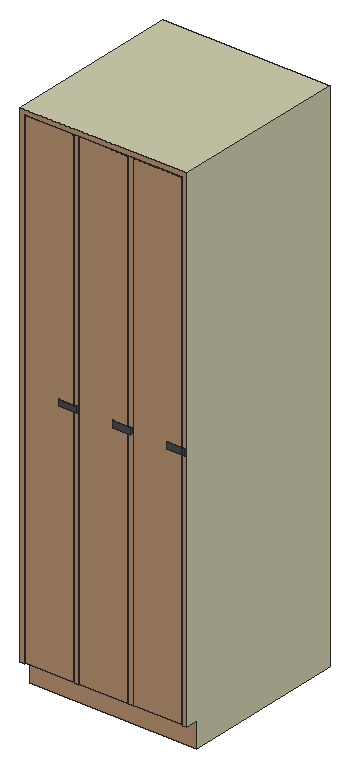
Revit family "Cabinet_Wenger_UltraStor_46", category Furniture, Revit 2015
Parameters (values of type "UltraStor Cabinet #46 - Comp Wood Doors")
  URL = "https://www.wengercorp.com/"
  Type Comments = ""
  Specification = "http://www.arcat.com/sdspecs/htm04/12_35_83wen.htm"
  Shelf Thickness = 0' - 1 1/8"
  Sales Information = "https://www.wengercorp.com/contact-us.php"
  Revision = "R1_2018-04"
  Rear Panel Thickness = 0' - 0 3/4"
  Product Data = "http://www.arcat.com/arcatcos/cos36/arc36487.html"
  Manufacturer Website = "https://www.wengercorp.com/"
  Manufacturer Phone - Toll Free = "800-4WENGER"
  Manufacturer Phone = "(507) 455-4100"
  Manufacturer Fax = "(507) 455-4258"
  Manufacturer Address = "555 Park Dr., Owatonna, MN 55060"
  Keynote = "12 35 83"
  HasDoors = yes
  Green Building-LEED = "http://www.arcat.com/green/clients/leed_data_36487.html"
  Drawn By = "Sumex Design, Inc. / Robert S. Weygant, CSI, CDT, SCIP"
  Door Width = (Cabinet Width - 0' 3") / 3  # 0' - 8.16667"
  Door Style = Door_FullHt : Solid Door
  Door Material [instance] = Wenger Cherry (Use Cherry Edge Band Only)
  Door Height = (Cabinet Height - 0' 4 3/4") / 5  # 1' - 4.175"
  Toe Kick Material [instance] = Wenger Cherry (Use Cherry Edge Band Only)
  RH End Panel [instance] = no
  Model = "#46"
  Manufacturer = "Wenger Corporation"
  LH End Panel [instance] = no
  End Panel Material [instance] = Wenger Cherry (Use Cherry Edge Band Only)
  Edge Banding Material [instance] = Wenger Cherry (Use Cherry Edge Band Only)
  Cost = 0
  Copyright = "© 2018 Arcat Inc."
  Construction Details = "http://www.arcat.com/details/wengerco/wengerco.html?coid=36487"
  Body Material [instance] = Wenger - Oyster
  Description = "Wenger UltraStor Cabinet #46 - Comp Wood Doors"
  Cabinet Width = 2' - 3 1/2"
  Cabinet Height = 7' - 1 5/8"
  Installed Depth = 2' - 5 1/4"
  Cabinet Panel Thickness = 0' - 0 3/4"
  Assembly Code = "E2010200"
Types (7): name | Rear Panel Thickness | HasDoors | Door Style | Door Material | Model | Description | Installed Depth
  Acoustic Cabinet #46 - No Doors | 0' - 3 1/4" | no | Door_FullHt : Solid Door | none | "#46A" | "Wenger Acoustic Cabinet #46 - No Doors" | 2' - 7 3/4"
  Acoustic Cabinet #46 - Comp Grille Doors | 0' - 3 1/4" | yes | Door_FullHt : Bars | Painted Black | "#46A" | "Wenger Acoustic Cabinet #46 - Comp Grille Doors" | 2' - 7 3/4"
  Acoustic Cabinet #46 - Comp Waterfall Grille Doors | 0' - 3 1/4" | yes | Door_FullHt : Waterfall | Painted Black | "#46A" | "Wenger Acoustic Cabinet #46 - Comp Waterfall Grille Doors" | 2' - 7 3/4"
  UltraStor Cabinet #46 - Comp Waterfall Grille Doors | 0' - 0 3/4" | yes | Door_FullHt : Waterfall | Painted Black | "#46" | "Wenger UltraStor Cabinet #46 - Comp Waterfall Grille Doors" | 2' - 5 1/4"
  UltraStor Cabinet #46 - Comp Grille Doors | 0' - 0 3/4" | yes | Door_FullHt : Bars | Painted Black | "#46" | "Wenger UltraStor Cabinet #46 - Comp Grille Doors" | 2' - 5 1/4"
  UltraStor Cabinet #46 - No Doors | 0' - 0 3/4" | no | Door_FullHt : Solid Door | none | "#46" | "Wenger UltraStor Cabinet #46 - No Doors" | 2' - 5 1/4"
  UltraStor Cabinet #46 - Comp Wood Doors | 0' - 0 3/4" | yes | Door_FullHt : Solid Door | Wenger Cherry (Use Cherry Edge Band Only) | "#46" | "Wenger UltraStor Cabinet #46 - Comp Wood Doors" | 2' - 5 1/4"
Reference planes (in)
  plane 1 "Front": y = 0
  plane 2: z = 0
  plane 3 "Left": x = 0
  plane 4 "Right": x = 27.5
  plane 5 "Back": y = 29.25
  plane 6 "Top": z = 85.625
  plane 7: z = 4
  plane 8: x = 0.75
  plane 9: x = 26.75
  plane 10: z = 84.875
  plane 11: x = 8.91667
  plane 12: x = 9.66667
  plane 13: x = 17.83333
  plane 14: x = 18.58333
  plane 15: y = 28.5
  plane 16: y = 2
  plane 17: y = 0.75
  plane 18: z = 5.125
Forms (in)
  Extrusion 1, solid, material "Wenger - Oyster" <- "Body Material"
    sketch origin (0, 0, 0) x (0, 1, 0) y (0, 0, 1)
      loop
        line (0, 85.625) -> (0, 4) -> (2, 4) -> (2, 0) -> (29.25, 0) -> (29.25, 85.625) -> (0, 85.625)
    from 0 to 27.5
  Extrusion 2, void
    sketch origin (0, 0, 0) x (0, 1, 0) y (0, 0, 1)
      loop
        line (-5.5, 84.875) -> (-5.5, 4) -> (0.75, 4)
        arc (0.75, 4) -> (1.15915, 4.80234) -> (2, 5.125) r 1.25694
        line (2, 5.125) -> (28.5, 5.125) -> (28.5, 84.875) -> (-5.5, 84.875)
    from 0.75 to 8.91667
  Extrusion 3, void
    sketch origin (0, 0, 0) x (0, 1, 0) y (0, 0, 1)
      loop
        line (-5.5, 84.875) -> (-5.5, 4) -> (0.75, 4)
        arc (0.75, 4) -> (1.18296, 4.77588) -> (2, 5.125) r 1.375
        line (2, 5.125) -> (28.5, 5.125) -> (28.5, 84.875) -> (-5.5, 84.875)
    from 9.66667 to 17.83333
  Extrusion 4, void
    sketch origin (0, 0, 0) x (0, 1, 0) y (0, 0, 1)
      loop
        line (-5.5, 84.875) -> (-5.5, 4) -> (0.75, 4)
        arc (0.75, 4) -> (1.18296, 4.77588) -> (2, 5.125) r 1.375
        line (2, 5.125) -> (28.5, 5.125) -> (28.5, 84.875) -> (-5.5, 84.875)
    from 18.58333 to 26.75
  Extrusion 5, void
    sketch origin (0, 0, 0) x (0, 1, 0) y (0, 0, 1)
      loop
        line (0, 84.875) -> (0, 4) -> (0.0625, 4) -> (0.0625, 84.875) -> (0, 84.875)
    from 0.75 to 26.75
Cuts and joins
  Extrusion 2, Extrusion 3, Extrusion 4, Extrusion 5 cuts Extrusion 1
Lines and regions (in)
  Masking region 1
    outline origin (0, 0, 0) x (1, 0, 0) y (0, 1, 0)
      loop
        line (0, 29.25) -> (0, 0) -> (27.5, 0) -> (27.5, 29.25) -> (0, 29.25)
Dimensions and locks (in)
  "Cabinet Panel Thickness": plane 3 "Left" to plane 8
  "Cabinet Panel Thickness": plane 9 to plane 4 "Right"
  "Cabinet Panel Thickness": plane 5 "Back" to plane 15
  locked: plane 1 "Front" to plane 17 at 0.75
  locked: plane 1 "Front" to plane 16 at 2
  "Cabinet Panel Thickness": plane 6 "Top" to plane 10
  "Shelf Thickness": plane 18 to plane 7
  "Cabinet Width": plane 3 "Left" to plane 4 "Right"
  locked: plane 7 to level at 4
  "Cabinet Height": plane 6 "Top" to level
  "Installed Depth": plane 1 "Front" to plane 5 "Back"
  "Door Width": plane 11 to plane 8
  "Door Width": plane 13 to plane 12
  "Door Width": plane 9 to plane 14
  plane 3 "Left" to plane 4 "Right" = 2' - 3 1/2"
  locked: plane 14 to plane 13 at 0.75
  equal spacing: plane 12, nested 2, plane 13
  equal spacing: plane 5 "Back", nested 2, plane 1 "Front"
  aligned and locked: Extrusion 1 sketch curve to plane 6 "Top"
  aligned and locked: Extrusion 1 sketch curve to plane 5 "Back"
  aligned and locked: Extrusion 1 sketch curve to plane 1 "Front"
  aligned and locked: Extrusion 1 sketch curve to plane 7
  aligned and locked: Extrusion 1 sketch curve to plane 16
  aligned and locked: Extrusion 1 sketch curve to level
  aligned and locked: Extrusion 1 to plane 4 "Right"
  aligned and locked: Extrusion 1 to plane 3 "Left"
  aligned and locked: Extrusion 2 sketch curve to plane 10
  aligned and locked: Extrusion 2 sketch curve to plane 18
  aligned and locked: Extrusion 2 to plane 8
  aligned and locked: plane 11 to Extrusion 2
  aligned and locked: plane 13 to Extrusion 3
  aligned and locked: Extrusion 3 to plane 12
  aligned and locked: Extrusion 4 to plane 9
  aligned and locked: Extrusion 4 to plane 14
  aligned and locked: Extrusion 5 sketch curve to cut or joined group of Extrusion 1, Extrusion 2, Extrusion 3, Extrusion 4, Extrusion 5  (x3)
  aligned and locked: Extrusion 5 to plane 9
  aligned and locked: Extrusion 5 to plane 8
  aligned and locked: cut or joined group of Extrusion 1, Extrusion 2, Extrusion 3, Extrusion 4, Extrusion 5 to plane 14
  aligned and locked: cut or joined group of Extrusion 1, Extrusion 2, Extrusion 3, Extrusion 4, Extrusion 5 to plane 9
  aligned and locked: nested 5 to plane 9
  aligned and locked: nested 5 to plane 14
  aligned and locked: plane 13 to cut or joined group of Extrusion 1, Extrusion 2, Extrusion 3, Extrusion 4, Extrusion 5
  aligned and locked: nested 4 to plane 12
  aligned and locked: plane 11 to nested 3
  aligned and locked: nested 3 to plane 8
  aligned and locked: plane 7 to cut or joined group of Extrusion 1, Extrusion 2, Extrusion 3, Extrusion 4, Extrusion 5
  aligned and locked: nested 4 to plane 7
  aligned and locked: nested 5 to plane 7
  aligned and locked: nested 3 to plane 7
  aligned and locked: plane 17 to Extrusion 2 sketch curve
  aligned and locked: plane 1 "Front" to nested 6
  aligned and locked: nested 6 to level
  aligned and locked: nested 6 to plane 4 "Right"
  aligned and locked: Masking region 1 sketch curve to plane 5 "Back"
  aligned and locked: Masking region 1 sketch curve to plane 1 "Front"
  aligned and locked: plane 3 "Left" to Masking region 1 sketch curve
  aligned and locked: plane 4 "Right" to Masking region 1 sketch curve
  aligned and locked: plane 10 to nested 3
  aligned and locked: plane 10 to nested 4
  aligned and locked: plane 10 to nested 5
  aligned and locked: plane 13 to nested 4
Automatic sketch dimensions
  Extrusion 3 sketch curve to plane 10 = 0' - 0"
  Extrusion 3 sketch curve to plane 7 = 0' - 0"
  Extrusion 3 sketch curve to plane 17 = 0' - 0"
  Extrusion 3 sketch curve to plane 16 = 0' - 0"
  Extrusion 3 sketch curve to plane 15 = 0' - 0"
  Extrusion 3 sketch curve to plane 18 = 0' - 0"
  plane 1 "Front" to Extrusion 3 sketch curve = 0' - 5 1/2"
  Extrusion 3 sketch curve to plane 16 = 0' - 0.10279"
  Extrusion 4 sketch curve to plane 10 = 0' - 0"
  Extrusion 4 sketch curve to plane 7 = 0' - 0"
  Extrusion 4 sketch curve to plane 17 = 0' - 0"
  Extrusion 4 sketch curve to plane 16 = 0' - 0"
  Extrusion 4 sketch curve to plane 18 = 0' - 0"
  plane 1 "Front" to Extrusion 4 sketch curve = 0' - 5 1/2"
  Extrusion 4 sketch curve to plane 16 = 0' - 0.10279"
  plane 17 to Extrusion 5 sketch curve = 0' - 0 11/16"
  Extrusion 2 sketch curve to plane 7 = 0' - 0"
  Extrusion 2 sketch curve to plane 16 = 0' - 0"
  Extrusion 2 sketch curve to plane 15 = 0' - 0"
  plane 1 "Front" to Extrusion 2 sketch curve = 0' - 5 1/2"
  Extrusion 4 sketch curve to plane 15 = 0' - 0"
Nested families (in)
  nested 1: "End Panel" at (0, 14.25, 0) x (0, -1, 0) z (0, 0, 1), End Panel Material <- "End Panel Material", visible <- "LH End Panel", Edge Banding Material <- "Edge Banding Material", type "End Panel"
    with End Panel Material Wenger Cherry (Use Cherry Edge Band Only), Edge Banding Material Wenger Cherry (Use Cherry Edge Band Only), End Panel Depth 2' - 5 1/4"
  nested 2: "Labels" at (13.75, 14.625, 0), type "Labels"
  nested 3: "Door_FullHt" at (4.83333, 0, 4) x (1, 0, 0) z (0, -1, 0), type <- "Door Style", visible <- "HasDoors", type "Solid Door", detail levels medium+fine
    with vBars 6, Width 0' - 8.16667", ToeKick Height 0' - 4", MidBar no, Height 6' - 8 7/8", HalfHt 3' - 4 3/16", BarHt 6' - 8 3/8", 2HzBars no
  nested 4: "Door_FullHt" at (13.75, 0, 4) x (1, 0, 0) z (0, -1, 0), type <- "Door Style", visible <- "HasDoors", type "Solid Door", detail levels medium+fine
    with vBars 6, Width 0' - 8.16667", ToeKick Height 0' - 4", MidBar no, Height 6' - 8 7/8", HalfHt 3' - 4 3/16", BarHt 6' - 8 3/8", 2HzBars no
  nested 5: "Door_FullHt" at (22.66667, 0, 4) x (1, 0, 0) z (0, -1, 0), type <- "Door Style", visible <- "HasDoors", type "Solid Door", detail levels medium+fine
    with vBars 6, Width 0' - 8.16667", ToeKick Height 0' - 4", MidBar no, Height 6' - 8 7/8", HalfHt 3' - 4 3/16", BarHt 6' - 8 3/8", 2HzBars no
  nested 6: "End Panel" at (28.25, 14.25, 0) x (0, -1, 0) z (0, 0, 1), End Panel Material <- "End Panel Material", Edge Banding Material <- "Edge Banding Material", visible <- "RH End Panel", type "End Panel"
    with End Panel Material Wenger Cherry (Use Cherry Edge Band Only), Edge Banding Material Wenger Cherry (Use Cherry Edge Band Only), End Panel Depth 2' - 5 1/4"
Definition of nested family "End Panel"
  Parameters (values of type "End Panel")
    End Panel Material [instance] = none
    End Panel Height = 7' - 1 5/8"
    End Panel Depth = 1' - 9 3/4"
    Edge Banding Material [instance] = none
    Default Elevation = 4' - 0"
    Assembly Code = ""
  Reference planes (in)
    plane 1 "Center (Front/Back)": y = 0
    plane 2: z = 0
    plane 3 "Center (Left/Right)": x = 0
    plane 4: x = -15
    plane 5: x = 6.75
    plane 6: z = 4
    plane 7: x = 4.75
    plane 8: z = 85.625
    plane 9: y = -0.75
  Forms (in)
    Extrusion 1, solid, material <- "End Panel Material"
      sketch origin (0, 0, 0) x (1, 0, 0) y (0, 0, 1)
        loop
          line (-15, 85.625) -> (-15, 0) -> (4.75, 0) -> (4.75, 4) -> (6.75, 4) -> (6.75, 85.625) -> (-15, 85.625)
      from 0 to 0.75
  Lines and regions (in)
    Masking region 1, detail levels coarse+medium
      outline origin (0, 0, 0) x (1, 0, 0) y (0, 1, 0)
        loop
          line (-15, 0) -> (-15, -0.75) -> (6.75, -0.75) -> (6.75, 0) -> (-15, 0)
  Dimensions and locks (in)
    locked: plane 7 to plane 5 at 2
    locked: plane 6 to level at 4
    "End Panel Height": plane 8 to level
    "End Panel Depth": plane 5 to plane 4
    locked: plane 9 to plane 1 "Center (Front/Back)" at 0.75
    aligned and locked: plane 4 to Extrusion 1 sketch curve
    aligned and locked: level to Extrusion 1 sketch curve
    aligned and locked: plane 7 to Extrusion 1 sketch curve
    aligned and locked: plane 6 to Extrusion 1 sketch curve
    aligned and locked: Extrusion 1 sketch curve to plane 5
    aligned and locked: Extrusion 1 sketch curve to plane 8
    aligned and locked: Extrusion 1 to plane 9
    aligned and locked: Extrusion 1 to plane 1 "Center (Front/Back)"
    aligned and locked: plane 4 to Masking region 1 sketch curve
    aligned and locked: Masking region 1 sketch curve to plane 5
    aligned and locked: plane 1 "Center (Front/Back)" to Masking region 1 sketch curve
    aligned and locked: plane 9 to Masking region 1 sketch curve
Definition of nested family "Door_FullHt"
  Parameters (values of type "Solid Door")
    vBars [instance] = (Width - 0' 2") / 0' 1"  # 6
    Width [instance] = 0' - 8"
    ToeKick Height [instance] = 0' - 4"
    Thickness = 0' - 0 3/4"
    Solid Door = yes
    Shelf Thickness = 0' - 0 3/4"
    Panel Thickness = 0' - 0 3/4"
    MidBar [instance] = and(Height > 3' 6", HasDoor, not(Solid Door))  # no
    Height [instance] = 1' - 2 5/8"
    HasDoor = yes
    HalfHt [instance] = Height / 2 - 0' 0 1/4"  # 0' - 7 1/16"
    Edge Banding = none
    DoorGap = 0' - 0 1/8"
    Door Finish = none
    Depth = 2' - 0"
    Default Elevation = 4' - 0"
    Bars = no
    BarStyle = Bars : Waterfall
    BarHt [instance] = Height - 0' 0 1/2"  # 1' - 2 1/8"
    2HzBars [instance] = and(Height > 1' 6", not(Solid Door))  # no
  Types (3): name | Thickness | Solid Door | Bars | BarStyle
    Solid Door | 0' - 0 3/4" | yes | no | Bars : Waterfall
    Bars | 0' - 0 1/4" | no | yes | Bars : Straight
    Waterfall | 0' - 0 3/4" | no | yes | Bars : Waterfall
  Reference planes (in)
    plane 1 "Center (Front/Back)": y = 0
    plane 2: z = 0
    plane 3 "Center (Left/Right)": x = 0
    plane 4: x = -4
    plane 5: y = 14.625
    plane 6: x = 4
    plane 7: z = -0.75
    plane 8: x = -3.875
    plane 9: x = 3.875
    plane 10: y = 0.125
    plane 11: y = 14.5
    plane 12: y = -0.75
    plane 13 "CL Elev": y = 7.3125
    plane 14: x = -3.75
    plane 15: x = 3.75
    plane 16 "BtmRail": y = 0.25
    plane 17: y = 14.375
    plane 18: z = -0.125
    plane 19: x = -2.75
    plane 20: x = 2.75
    plane 21: y = 10.96875
    plane 22: y = 3.65625
  Forms (in)
    Extrusion 1, solid, material <- "Door Finish", visible <- "Solid Door", detail levels medium+fine
      sketch origin (0, 0, 0) x (1, 0, 0) y (0, 1, 0)
        loop
          arc (-3.75, 14.5) -> (-3.83839, 14.46339) -> (-3.875, 14.375) r 0.125
          line (-3.875, 14.375) -> (-3.875, 0.25)
          arc (-3.875, 0.25) -> (-3.83839, 0.16161) -> (-3.75, 0.125) r 0.125
          line (-3.75, 0.125) -> (3.75, 0.125)
          arc (3.75, 0.125) -> (3.83839, 0.16161) -> (3.875, 0.25) r 0.125
          line (3.875, 0.25) -> (3.875, 14.375)
          arc (3.875, 14.375) -> (3.83839, 14.46339) -> (3.75, 14.5) r 0.125
          line (3.75, 14.5) -> (-3.75, 14.5)
      from 0 to -0.75
    Sweep 2, solid, material <- "Door Finish", visible <- "Bars", detail levels medium+fine
      path origin (0, 0, 0) x (1, 0, 0) y (0, 1, 0)
        loop
          arc (-3.125, 14.5) -> (-3.65533, 14.28033) -> (-3.875, 13.75) r 0.75
          line (-3.875, 13.75) -> (-3.875, 0.875)
          arc (-3.875, 0.875) -> (-3.65533, 0.34467) -> (-3.125, 0.125) r 0.75
          line (-3.125, 0.125) -> (3.125, 0.125)
          arc (3.125, 0.125) -> (3.65533, 0.34467) -> (3.875, 0.875) r 0.75
          line (3.875, 0.875) -> (3.875, 13.75)
          arc (3.875, 13.75) -> (3.65533, 14.28033) -> (3.125, 14.5) r 0.75
          line (3.125, 14.5) -> (-3.125, 14.5)
      profile origin (0, 14.5, 0) x (0, 1, 0) y (0, 0, 1)
        loop
          circle (-0.125, -0.125) r 0.125
    Extrusion 3, solid, material <- "Door Finish", visible <- "MidBar", detail levels medium+fine
      sketch origin (0, 0, 0) x (0, 1, 0) y (0, 0, 1)
        loop
          circle (7.3125, -0.125) r 0.125
      from -3.75 to 3.75
    Extrusion 4, solid, visible <- "HasDoor", detail levels fine
      sketch origin (0, 0, 0) x (1, 0, 0) y (0, 1, 0)
        loop
          line (1.5, 7.8125) -> (1.5, 6.8125) -> (4.5, 6.8125) -> (4.5, 7.8125) -> (1.5, 7.8125)
      from 0 to 0.125
    Extrusion 5, solid, material <- "Door Finish", visible <- "2HzBars", detail levels medium+fine
      sketch origin (0, 0, 0) x (0, 1, 0) y (0, 0, 1)
        loop
          circle (10.96875, -0.125) r 0.125
        loop
          circle (3.65625, -0.125) r 0.125
      from -3.75 to 3.75
  Lines and regions (in)
    symbolic lines, visible <- "HasDoor", detail levels medium+fine
      curve 1: line (4, 0.25, 0) -> (-4, 0.25, 0)
      curve 2: line (-4, 0.25, 0) -> (-4, 0.25, 8)
      curve 3: arc (4, 0.25, 0) -> (1.65685, 0.25, 5.65685) -> (-4, 0.25, 8) r 8
    symbolic lines, visible <- "HasDoor"
      curve 4: line (3.875, 0.25, 0) -> (3.875, 0.25, -0.75)
      curve 5: line (3.875, 0.25, -0.75) -> (-3.875, 0.25, -0.75)
      curve 6: line (-3.875, 0.25, -0.75) -> (-3.875, 0.25, 0)
    symbolic lines, detail levels medium
      curve 7: line (3.875, 14.5, 0) -> (-3.875, 7.3125, 0)
      curve 8: line (-3.875, 7.3125, 0) -> (3.875, 0.125, 0)
  Dimensions and locks (in)
    "Height": plane 1 "Center (Front/Back)" to plane 5
    "Thickness": level to plane 7
    equal spacing: plane 4, plane 3 "Center (Left/Right)", plane 6
    "Width": plane 4 to plane 6
    "DoorGap": plane 5 to plane 11
    "DoorGap": plane 9 to plane 6
    "DoorGap": plane 4 to plane 8
    "DoorGap": plane 1 "Center (Front/Back)" to plane 10
    "Shelf Thickness": plane 1 "Center (Front/Back)" to plane 12
    equal spacing: plane 1 "Center (Front/Back)", plane 22, plane 13 "CL Elev", plane 21, plane 5
    locked: plane 15 to plane 9 at 0.125
    locked: plane 8 to plane 14 at 0.125
    locked: plane 11 to plane 17 at 0.125
    locked: plane 16 "BtmRail" to plane 10 at 0.125
    locked: level to plane 18 at 0.125
    plane 19 to plane 14 = 0' - 1"
    locked: plane 15 to plane 20 at 1
    Extrusion 4 sketch curve to plane 13 "CL Elev" to Extrusion 4 sketch curve = 0' - 0 1/2" locked, 0' - 0 1/2" locked
    locked: plane 6 to Extrusion 4 sketch curve at 0.5
    locked: Extrusion 4 sketch curve to plane 6 at 2.5
    locked: Extrusion 4 to level at 0.125
    equal spacing: group 1, group 3, group 4, group 5, group 6, group 2  (x3)
    equal spacing: group 7, group 9, group 10, group 11, group 12, group 8  (x2)
    equal spacing: group 8, group 12, group 11, group 10, group 9, group 7
    "Width": radius of curve 3
    aligned and locked: plane 2 to level
    aligned and locked: Extrusion 1 sketch curve to plane 11
    aligned and locked: plane 8 to Extrusion 1 sketch curve
    aligned and locked: Extrusion 1 sketch curve to plane 9
    aligned and locked: plane 10 to Extrusion 1 sketch curve
    aligned and locked: Extrusion 1 to plane 7
    aligned and locked: level to Extrusion 1
    aligned and locked: Sweep 2 sketch curve to plane 11
    aligned and locked: plane 8 to Sweep 2 sketch curve
    aligned and locked: plane 10 to Sweep 2 sketch curve
    aligned and locked: Sweep 2 sketch curve to plane 9
    aligned and locked: plane 15 to Extrusion 3
    aligned and locked: Extrusion 3 to plane 14
    aligned and locked: plane 20 to nested 2
    aligned and locked: plane 19 to nested 1
    aligned and locked: plane 21 to Extrusion 5 sketch curve
    aligned and locked: plane 18 to Extrusion 5 sketch curve  (x2)
    aligned and locked: plane 22 to Extrusion 5 sketch curve
    aligned and locked: Extrusion 5 to Extrusion 3  (x2)
    aligned and locked: plane 4 to curve 3  (x2)
    aligned and locked: level to curve 3
    aligned and locked: plane 7 to curve 5
    aligned and locked: Extrusion 1 to plane 8
    aligned and locked: plane 9 to Extrusion 1
    aligned and locked: plane 10 to curve 8
    aligned and locked: plane 9 to curve 8
    aligned and locked: plane 13 "CL Elev" to curve 8
    aligned and locked: plane 11 to curve 7
    aligned and locked: plane 9 to curve 7
    aligned and locked: plane 19 to nested 7
    aligned and locked: plane 13 "CL Elev" to nested 7
    aligned and locked: plane 20 to nested 8
    aligned and locked: plane 13 "CL Elev" to nested 8
    aligned and locked: plane 18 to nested 7
    aligned and locked: plane 18 to nested 9
  Automatic sketch dimensions
    plane 8 to Sweep 2 sketch curve = 0' - 0 3/4"  (x2)
    Sweep 2 sketch curve to plane 9 = 0' - 0 3/4"
    Sweep 2 sketch curve to Sweep 2 sketch curve = 0' - 0 3/4"
    Sweep 2 sketch curve to level = 0' - 0 1/8"
    profile plane to Sweep 2 sketch curve = 0' - 0 1/8"
    Extrusion 3 sketch curve to level = 0' - 0 1/8"
    Extrusion 3 sketch curve to plane 13 "CL Elev" = 0' - 0"
    curve 8 to plane 8 = 0' - 0"
    Extrusion 1 sketch curve to plane 14 = 0' - 0"  (x2)
    Extrusion 1 sketch curve to plane 15 = 0' - 0"  (x2)
    curve 5 to plane 9 = 0' - 0"
    curve 6 to plane 8 = 0' - 0"
    radius of Sweep 2 sketch curve = 0' - 0 1/8"
    radius of Extrusion 3 sketch curve = 0' - 0 1/8"
    radius of Extrusion 5 sketch curve = 0' - 0 1/8"  (x2)
  Nested families (in)
    nested 1: "Bars" at (-2.75, 0.25, -0.125) x (1, 0, 0) z (0, 1, 0), type <- "BarStyle", visible <- "Bars", type "Waterfall", detail levels fine
    nested 2: "Bars" at (2.75, 0.25, -0.125) x (1, 0, 0) z (0, 1, 0), type <- "BarStyle", visible <- "Bars", type "Waterfall", detail levels fine
    nested 3: "Bars" at (-1.65, 0.25, -0.125) x (1, 0, 0) z (0, 1, 0), type <- "BarStyle", visible <- "Bars", type "Waterfall", detail levels fine
    nested 4: "Bars" at (-0.55, 0.25, -0.125) x (1, 0, 0) z (0, 1, 0), type <- "BarStyle", visible <- "Bars", type "Waterfall", detail levels fine
    nested 5: "Bars" at (0.55, 0.25, -0.125) x (1, 0, 0) z (0, 1, 0), type <- "BarStyle", visible <- "Bars", type "Waterfall", detail levels fine
    nested 6: "Bars" at (1.65, 0.25, -0.125) x (1, 0, 0) z (0, 1, 0), type <- "BarStyle", visible <- "Bars", type "Waterfall", detail levels fine
    nested 7: "Bars" at (-2.75, 7.3125, -0.125) x (1, 0, 0) z (0, 1, 0), type <- "BarStyle", visible <- "Bars", type "Waterfall"
    nested 8: "Bars" at (2.75, 7.3125, -0.125) x (1, 0, 0) z (0, 1, 0), type <- "BarStyle", visible <- "Bars", type "Waterfall"
    nested 9: "Bars" at (-1.65, 7.3125, -0.125) x (1, 0, 0) z (0, 1, 0), type <- "BarStyle", visible <- "Bars", type "Waterfall"
    nested 10: "Bars" at (-0.55, 7.3125, -0.125) x (1, 0, 0) z (0, 1, 0), type <- "BarStyle", visible <- "Bars", type "Waterfall"
    nested 11: "Bars" at (0.55, 7.3125, -0.125) x (1, 0, 0) z (0, 1, 0), type <- "BarStyle", visible <- "Bars", type "Waterfall"
    nested 12: "Bars" at (1.65, 7.3125, -0.125) x (1, 0, 0) z (0, 1, 0), type <- "BarStyle", visible <- "Bars", type "Waterfall"
  Definition of nested family "Bars"
    Parameters (values of type "Straight")
      WaterFall = no
      Straight = yes
      Lateral Deviation = 0' - 1"
      Height = 0' - 7 1/16"
      Default Elevation = 4' - 0"
      Bars = none
    Types (2): name | WaterFall | Straight
      Waterfall | yes | no
      Straight | no | yes
    Reference planes (in)
      plane 1 "Center (Front/Back)": y = 0
      plane 2: z = 0
      plane 3 "Center (Left/Right)": x = 0
      plane 4: z = 7.0625
      plane 5: z = 3.53125
      plane 6: x = 0.5
      plane 7: x = -0.5
      plane 8: z = 5.29687
      plane 9: z = 1.76562
    Forms (in)
      Sweep 1, solid, material <- "Bars", visible <- "WaterFall", detail levels fine
        path origin (0, 0, 0) x (1, 0, 0) y (0, 0, 1)
          loop
            arc (0, 0) -> (0.37259, 0.8481) -> (0.5, 1.76563) r 3.36743
            arc (0.5, 1.76563) -> (0.37259, 2.68315) -> (0, 3.53125) r 3.36743
        profile origin (0.37259, 0, 0.8481) x (-0.962164, 0, 0.272471) y (0, -1, 0)
          loop
            circle (0, 0) r 0.0625
      Sweep 2, solid, material <- "Bars", visible <- "WaterFall", detail levels fine
        path origin (0, 0, 14.625) x (-1, 0, 0) y (0, 0, -1)
          loop
            arc (0, 7.5625) -> (0.37259, 8.4106) -> (0.5, 9.32812) r 3.36743
            arc (0.5, 9.32812) -> (0.37259, 10.24565) -> (0, 11.09375) r 3.36743
        profile origin (-0.37259, 0, 6.2144) x (0.962164, 0, -0.272471) y (0, -1, 0)
          loop
            circle (0, 0) r 0.0625
      Extrusion 3, solid, material <- "Bars", visible <- "Straight", detail levels fine
        sketch origin (0, 0, 0) x (1, 0, 0) y (0, 1, 0)
          loop
            circle (0, 0) r 0.0625
        from 0 to 7.0625
    Dimensions and locks (in)
      "Height": plane 4 to level
      equal spacing: plane 6, plane 3 "Center (Left/Right)", plane 7
      "Lateral Deviation": plane 6 to plane 7
      equal spacing: plane 4, plane 8, plane 5, plane 9, level
      aligned and locked: plane 2 to level
      aligned and locked: plane 3 "Center (Left/Right)" to Sweep 1 sketch curve  (x2)
      aligned and locked: level to Sweep 1 sketch curve
      aligned and locked: plane 6 to Sweep 1 sketch curve
      aligned and locked: plane 9 to Sweep 1 sketch curve
      aligned and locked: plane 4 to Sweep 2 sketch curve
      aligned and locked: plane 3 "Center (Left/Right)" to Sweep 2 sketch curve  (x2)
      aligned and locked: plane 8 to Sweep 2 sketch curve
      aligned and locked: plane 7 to Sweep 2 sketch curve
      aligned and locked: plane 5 to Sweep 2 sketch curve
      aligned and locked: plane 4 to Extrusion 3
      aligned and locked: Extrusion 3 to level
    Automatic sketch dimensions
      plane 1 "Center (Front/Back)" to Sweep 1 sketch curve = 0' - 0"
      Sweep 1 sketch curve to profile plane = 0' - 0"
      Sweep 1 sketch curve to Sweep 1 sketch curve = 0' - 0"
      Sweep 2 sketch curve to plane 1 "Center (Front/Back)" = 0' - 0"
      Sweep 2 sketch curve to profile plane = 0' - 0"
      plane 1 "Center (Front/Back)" to Extrusion 3 sketch curve = 0' - 0"
      Extrusion 3 sketch curve to plane 3 "Center (Left/Right)" = 0' - 0"
      radius of Sweep 1 sketch curve = 0' - 0 1/16"
      radius of Sweep 2 sketch curve = 0' - 0 1/16"
      radius of Extrusion 3 sketch curve = 0' - 0 1/16"
Definition of nested family "Labels"
  Parameters
    Cabinet Label = "01"
  Reference planes (in)
    plane 1: y = 0
    plane 2: x = 0
  Text (in)
    label "xxxx" at (-0.00018, 0.00754, 0), shows "Cabinet Label"
